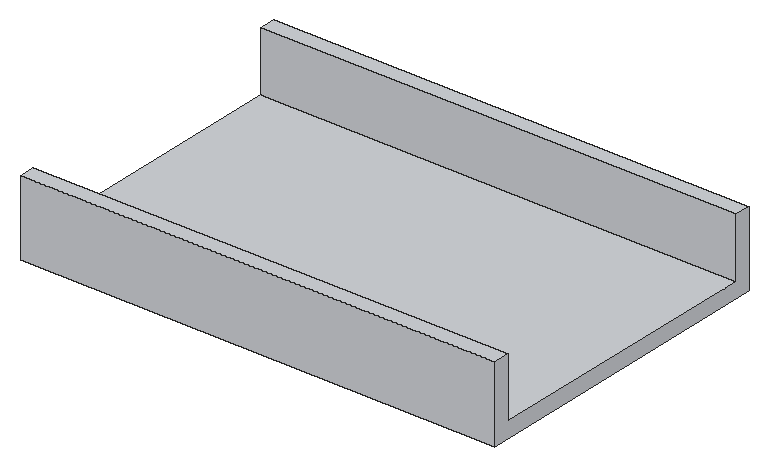
Revit family "Cable Tray Union", category Cable Tray Fittings, Revit 2016
Family settings
  Part Type = Channel Union
  Round Connector Dimension = Use Diameter
  OmniClass Number = 23.80.30.17.17
  OmniClass Title = Cable Trays and Horizontal Racks
  Work Plane-Based = No
  Always vertical = Yes
  Cut with Voids When Loaded = No
  Shared = No
Parameters (values of type "Standard")
  Tray Width [instance] = 50 mm
  Tray Length [instance] = 75 mm
  Tray Height [instance] = 12 mm
  built-in parameter 1140111 [instance] = 2.5 mm
Reference planes
  plane 1 "Centre (Front/Back)": y = 0
  plane 2: z = 0
  plane 3 "Centre (Left/Right)": x = 0
  plane 4: x = 37.5
  plane 5: y = 25
  plane 6: y = -25
  plane 7: z = 6
  plane 8: z = -6
  plane 9: z = -3.5
  plane 10: y = 22.5
  plane 11: y = -22.5
  plane 12: y = 25
  plane 13: y = -25
  plane 14: z = 6
  plane 15: z = -6
  plane 16: x = 75
Forms (mm)
  Sweep 1, solid, detail levels fine
    path in 3D
      loop
        line (0, 0, 0) -> (75, 0, 0)
    profile origin (37.5, 0, 0) x (0, 1, 0) y (0, 0, 1)
      loop
        line (25, -6) -> (25, 6) -> (22.5, 6) -> (22.5, -3.5) -> (-22.5, -3.5) -> (-22.5, 6) -> (-25, 6) -> (-25, -6) -> (25, -6)
  Sweep 2, solid, detail levels medium
    path in 3D
      loop
        line (0, 0, 0) -> (75, 0, 0)
    profile origin (37.5, 0, 0) x (0, 1, 0) y (0, 0, 1)
      loop
        line (25, 6) -> (-25, 6) -> (-25, -6) -> (25, -6) -> (25, 6)
Lines and regions (mm)
  model lines, detail levels coarse
    curve 1: line (0, 0, 0) -> (75, 0, 0)
  sketch lines
    curve 2: line (0, 0, 0) -> (75, 0, 0)
    curve 3: line (0, 0, 0) -> (75, 0, 0)
Dimensions and locks
  equal spacing: plane 5, plane 1 "Centre (Front/Back)", plane 6
  "Tray Width": plane 5 to plane 6
  equal spacing: plane 7, plane 2, plane 8
  "Tray Height": plane 7 to plane 8
  "built-in parameter 1140111": plane 5 to plane 10
  "built-in parameter 1140111": plane 11 to plane 6
  "built-in parameter 1140111": plane 8 to plane 9
  "Tray Width": plane 12 to plane 13
  equal spacing: plane 12, plane 1 "Centre (Front/Back)", plane 13
  equal spacing: plane 14, plane 2, plane 15
  "Tray Height": plane 14 to plane 15
  equal spacing: plane 3 "Centre (Left/Right)", plane 4, plane 16
  "Tray Length": plane 3 "Centre (Left/Right)" to plane 16
  aligned and locked: plane 1 "Centre (Front/Back)" to curve 1
  aligned and locked: plane 6 to Sweep 1 sketch curve  (x2)
  aligned and locked: plane 8 to Sweep 1 sketch curve  (x2)
  aligned and locked: Sweep 1 sketch curve to plane 5
  aligned and locked: plane 7 to Sweep 1 sketch curve  (x3)
  aligned and locked: plane 11 to Sweep 1 sketch curve  (x2)
  aligned and locked: plane 9 to Sweep 1 sketch curve  (x2)
  aligned and locked: plane 10 to Sweep 1 sketch curve  (x2)
  aligned and locked: Sweep 1 sketch curve to plane 7
  aligned and locked: Sweep 2 sketch curve to plane 14
  aligned and locked: Sweep 2 sketch curve to plane 15
  aligned and locked: plane 13 to Sweep 2 sketch curve
  aligned and locked: plane 12 to Sweep 2 sketch curve
  aligned and locked: plane 16 to curve 1
  aligned and locked: plane 3 "Centre (Left/Right)" to curve 1
Connectors
  cabletrayconduit at (0, 0, 0), diameter 609.6, driven by "Tray Height", driven by "Tray Width"
    settings: on Sweep 2, index 1, connector width 50 mm, connector height 12 mm, connector angle 0.00°, system type 32, placement type 0, profile type 1, connector reference index 2, is primary connector yes, connector utility param no, connector description ""
  cabletrayconduit at (75, 0, 0), diameter 609.6, driven by "Tray Height", driven by "Tray Width"
    settings: on Sweep 2, index 2, connector width 50 mm, connector height 12 mm, connector angle 0.00°, system type 32, placement type 0, profile type 1, connector reference index 1, is primary connector no, connector utility param no, connector description ""
